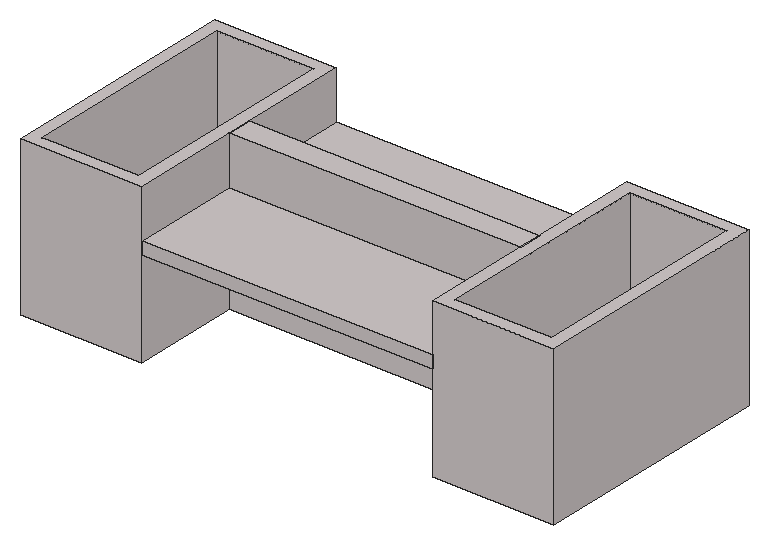
Revit family
Parameters (values of type "1200 mm")
  Material of Planter = Planter Material
  Length-Planter = 500 mm
  Length = 1200 mm
Types (4, lengths in mm): name | Length
  (no name) | 1200
  1200 mm | 1200
  1500 mm | 1500
  1800 mm | 1800
Reference planes
  plane 1 "Center (Front/Back)": y = 0
  plane 2: z = 0
  plane 3 "Center (Left/Right)": x = 0
  plane 4: x = -600
  plane 5: x = 600
  plane 6: x = 1100
  plane 7: x = -1100
  plane 8: y = 500
  plane 9: y = -500
  plane 10: z = 650
Forms (mm)
  Extrusion 1, solid, material "Planter Material" <- "Material of Planter"
    sketch origin (0, 0, 0) x (1, 0, 0) y (0, 1, 0)
      loop
        line (1100, 500) -> (600, 500) -> (600, -500) -> (1100, -500) -> (1100, 500)
      loop
        line (1050, 450) -> (650, 450) -> (650, -450) -> (1050, -450) -> (1050, 450)
      loop
        line (-1100, 500) -> (-1100, -500) -> (-600, -500) -> (-600, 500) -> (-1100, 500)
      loop
        line (-1050, 450) -> (-1050, -450) -> (-650, -450) -> (-650, 450) -> (-1050, 450)
    from 0 to 650
  Extrusion 2, solid, material "Planter Material" <- "Material of Planter"
    sketch origin (0, 0, 0) x (1, 0, 0) y (0, 1, 0)
      loop
        line (-600, 50) -> (-600, -50) -> (600, -50) -> (600, 50) -> (-600, 50)
    from 0 to 650
  Extrusion 3, solid, material "Planter Material" <- "Material of Planter"
    sketch origin (0, 0, 0) x (1, 0, 0) y (0, 1, 0)
      loop
        line (-600, -50) -> (-600, -500) -> (600, -500) -> (600, -50) -> (-600, -50)
      loop
        line (-600, 500) -> (-600, 50) -> (600, 50) -> (600, 500) -> (-600, 500)
    from 400 to 450
Dimensions and locks
  equal spacing: plane 4, plane 3 "Center (Left/Right)", plane 5
  "Length": plane 4 to plane 5
  "Length-Planter": plane 5 to plane 6
  "Length-Planter": plane 7 to plane 4
  locked: plane 9 to plane 8 at 1000
  plane 10 to level = 650 mm
  aligned and locked: Extrusion 2 to Extrusion 3 sketch curve
  aligned and locked: Extrusion 3 sketch curve to Extrusion 2  (x3)
  aligned and locked: Extrusion 3 sketch curve to Extrusion 1  (x2)
  aligned and locked: Extrusion 1 to Extrusion 3 sketch curve  (x2)
  aligned and locked: Extrusion 1 to plane 4
  aligned and locked: Extrusion 3 to plane 5
  aligned and locked: Extrusion 1 to plane 6
  aligned and locked: plane 7 to Extrusion 1
  aligned and locked: plane 8 to Extrusion 3
  aligned and locked: Extrusion 3 to plane 9
  aligned and locked: plane 10 to Extrusion 2
Automatic sketch dimensions
  Extrusion 1 sketch curve to plane 7 = 0 mm
  Extrusion 1 sketch curve to plane 4 = 0 mm
  Extrusion 1 sketch curve to plane 5 = 0 mm
  Extrusion 1 sketch curve to plane 6 = 0 mm
  plane 7 to Extrusion 1 sketch curve = 50 mm
  Extrusion 1 sketch curve to plane 4 = 50 mm
  plane 5 to Extrusion 1 sketch curve = 50 mm
  Extrusion 1 sketch curve to plane 6 = 50 mm
  plane 1 "Center (Front/Back)" to Extrusion 1 sketch curve = 500 mm  (x2)
  Extrusion 1 sketch curve to Extrusion 1 sketch curve = 50 mm  (x4)
  Extrusion 1 sketch curve to plane 1 "Center (Front/Back)" = 450 mm  (x2)
  Extrusion 2 sketch curve to plane 4 = 0 mm
  Extrusion 2 sketch curve to plane 5 = 0 mm
  plane 1 "Center (Front/Back)" to Extrusion 2 sketch curve = 50 mm
  Extrusion 2 sketch curve to plane 1 "Center (Front/Back)" = 50 mm
